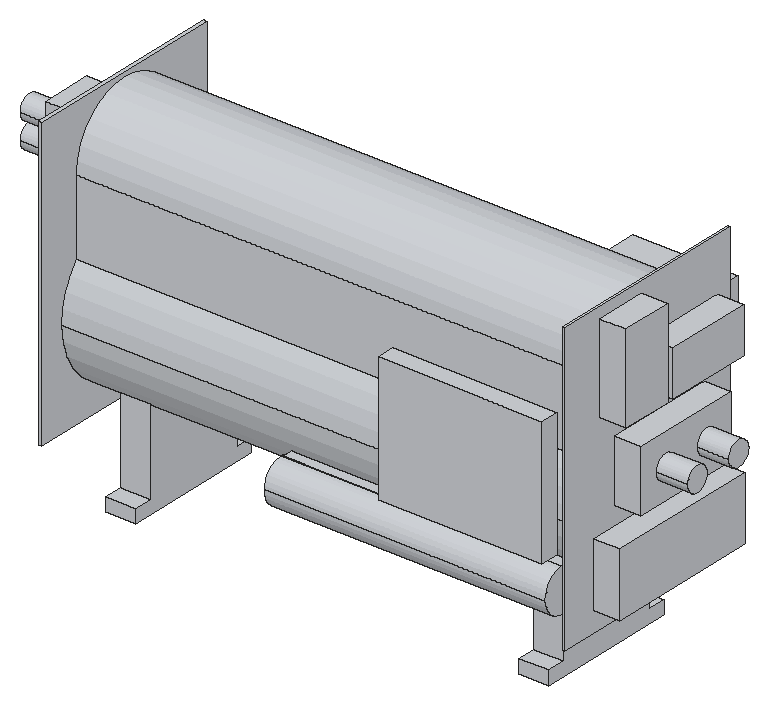
Revit family "7f0a172b1b9e4b8ab0b9627165bb9b29", category Mechanical Equipment, Revit 2021
Family settings
  Round Connector Dimension = Use Radius
  Part Type = Normal
  OmniClass Number = 23.75.10.24.21.21.11
  OmniClass Title = Absorption Water Chillers
  Seek Item ID = Absorption Chiller - Single Stage - 500-800 Tons-0000-USA-ENU
  Work Plane-Based = No
  Always vertical = Yes
  Cut with Voids When Loaded = No
  Shared = No
  Room Calculation Point = No
Parameters (values of type "500 Tons")
  Voltage = 480 V
  Number of Poles = 3
  Load Classification = Cooling
  Length 3 = 14' - 2 1/8"
  Length 2 = 8' - 0 7/8"
  Length 1 = 1' - 7 3/8"
  Default Elevation = 0' - 0"
  Chilled Water Radius = Chilled Water Diameter / 2  # 4"
  Chilled Water Diameter = 8"
  Evaporator Flow [instance] = 1366 GPM
  Cooling Water Pressure Drop [instance] = 11.52 psi
  Cooling Water Radius = Cooling Waterl Diameter / 2  # 4"
  Cooling Waterl Diameter = 8"
  Condenser Flow [instance] = 1800 GPM
  Chiller Material = none
  Chiller Length = 17' - 9 3/4"
  Chilled Water Pressure Drop [instance] = 8.63 psi
  Apparent Load = 9700 VA
  Energy Source Radius = Energy Source Diameter / 2  # 4"
  Energy Source Pressure Drop [instance] = 11.52 psi
  Energy Source Diameter = 8"
  Energy Source Flow [instance] = 1800 GPM
Types (5): name | Length 3 | Length 2 | Length 1 | Evaporator Flow | Cooling Water Pressure Drop | Condenser Flow | Chiller Length | Chilled Water Pressure Drop | Apparent Load | Energy Source Pressure Drop | Energy Source Flow
  (no name) | 14' - 2 1/8" | 8' - 0 7/8" | 1' - 7 3/8" | 1366 GPM | 11.52 psi | 1800 GPM | 17' - 9 3/4" | 8.63 psi | 9700 VA | 11.52 psi | 1800 GPM
  500 Tons | 14' - 2 1/8" | 8' - 0 7/8" | 1' - 7 3/8" | 1366 GPM | 11.52 psi | 1800 GPM | 17' - 9 3/4" | 8.63 psi | 9700 VA | 11.52 psi | 1800 GPM
  800 Tons | 22' - 2 1/8" | 16' - 10 1/8" | 1' - 8 7/8" | 2054 GPM | 6.98 psi | 2880 GPM | 25' - 11 1/4" | 13.70 psi | 13000 VA | 6.98 psi | 2880 GPM
  600 Tons | 16' - 10 1/8" | 10' - 8 7/8" | 1' - 8 7/8" | 1603 GPM | 11.18 psi | 2160 GPM | 20' - 7 1/4" | 12.69 psi | 9700 VA | 11.18 psi | 2160 GPM
  700 Tons | 19' - 6 1/8" | 13' - 11 1/8" | 1' - 8 7/8" | 1766 GPM | 5.13 psi | 2520 GPM | 23' - 3 1/4" | 9.37 psi | 13000 VA | 5.13 psi | 2520 GPM
Reference planes (in)
  plane 1 "Center (Front/Back)": y = 0
  plane 2: z = 0
  plane 3 "Center (Left/Right)": x = 0
  plane 4: z = 19.5
  plane 5: z = 114.9375
  plane 6: y = -10.25
  plane 7: y = 57.75
  plane 8: x = 13.625
  plane 9: x = 12.875
  plane 10: z = 51.875
  plane 11: y = 47.5
  plane 12: y = 23.75
  plane 13: x = -180.75
  plane 14: x = 33
  plane 15: x = -159.875
  plane 16: x = -158.75
  plane 17: y = 6.125
  plane 18: z = 4.5
  plane 19: y = 41.375
  plane 20: x = -9.875
  plane 21: x = -145.875
  plane 22: x = -136
  plane 23: y = 3.625
  plane 24: y = 43.875
  plane 25: z = 93.5625
  plane 26: z = 26.5625
  plane 27: z = 47.6875
  plane 28: z = 63.875
  plane 29: y = 20
  plane 30: y = 37
  plane 31: y = 28.5
  plane 32: y = 9.9375
  plane 33: y = 47.0625
  plane 34: z = 74.0625
  plane 35: z = 53.6875
  plane 36: x = 22.5
  plane 37: x = -168.75
  plane 38: y = 12.3125
  plane 39: y = 3.8125
  plane 40: y = 20.8125
  plane 41: z = 111.5
  plane 42: z = 82.3125
  plane 43: y = 23.125
  plane 44: y = 52.4375
  plane 45: z = 97.375
  plane 46: y = 1
  plane 47: y = 52.625
  plane 48: z = 88
  plane 49: z = 102.0625
  plane 50: y = 24.5
  plane 51: y = 32
  plane 52: z = 32.3125
  plane 53: z = 41.875
  plane 54: x = -174.5
  plane 55: z = 45
  plane 56: z = 87
  plane 57: x = 8.75
  plane 58: x = -45.25
  plane 59: y = -13.5625
  plane 60: y = -7.5
  plane 61: x = -13.375
  plane 62: z = 45.5
  plane 63: z = 79.8125
  plane 64: z = 95.5
  plane 65: x = -24.875
  plane 66: x = 9.75
  plane 67: y = 65.625
  plane 68: z = 89.5
  plane 69: z = 81.375
  plane 70: x = -156.5
  plane 71: x = -130.75
  plane 72: y = 55.25
  plane 73: z = 1
  plane 74: z = 31
  plane 75: x = -96.875
  plane 76: x = -78.5625
  plane 77: y = 52.625
  plane 78: y = -2.375
  plane 79: z = 24.5
  plane 80: z = 31.5
  plane 81: x = 6.375
  plane 82: x = -86.1875
  plane 83: z = 38.5
  plane 84: x = -85.6875
  plane 85: x = 5.875
  plane 86: y = 60.8125
  plane 87: x = -20.5625
  plane 88: x = -143.625
  plane 89: z = 28
  plane 90: z = 33
  plane 91: x = -138.625
  plane 92: x = -25.5625
  plane 93: z = 85.4375
  plane 94: z = 80.4375
  plane 95: y = 55.8125
  plane 96: x = -18.25
  plane 97: z = 51
Forms (in)
  Extrusion 1, solid, material <- "Chiller Material"
    sketch origin (0, 0, 0) x (0, 1, 0) y (0, 0, 1)
      loop
        line (-10.25, 114.9375) -> (-10.25, 19.5) -> (57.75, 19.5) -> (57.75, 114.9375) -> (-10.25, 114.9375)
    from 12.875 to 13.625
  Extrusion 2, solid, material <- "Chiller Material"
    sketch origin (0, 0, 0) x (0, 1, 0) y (0, 0, 1)
      loop
        circle (23.75, 51.875) r 26.09375
    from -158.75 to 12.875
  Extrusion 3, solid, material <- "Chiller Material"
    sketch origin (0, 0, 0) x (0, 1, 0) y (0, 0, 1)
      loop
        line (-10.25, 114.9375) -> (-10.25, 19.5) -> (57.75, 19.5) -> (57.75, 114.9375) -> (-10.25, 114.9375)
    from -159.875 to -158.75
  Extrusion 4, solid, material <- "Chiller Material"
    sketch origin (0, 0, 0) x (0, 1, 0) y (0, 0, 1)
      loop
        line (0, 4.5) -> (0, 0) -> (47.5, 0) -> (47.5, 4.5) -> (41.375, 4.5) -> (41.375, 51.875) -> (6.125, 51.875) -> (6.125, 4.5) -> (0, 4.5)
    from -9.875 to 0
  Extrusion 5, solid, material <- "Chiller Material"
    sketch origin (0, 0, 0) x (0, 1, 0) y (0, 0, 1)
      loop
        line (0, 4.5) -> (0, 0) -> (47.5, 0) -> (47.5, 4.5) -> (41.375, 4.5) -> (41.375, 51.875) -> (6.125, 51.875) -> (6.125, 4.5) -> (0, 4.5)
    from -145.875 to -136
  Extrusion 6, solid, material <- "Chiller Material"
    sketch origin (0, 0, 0) x (0, 1, 0) y (0, 0, 1)
      loop
        arc (43.875, 93.5625) -> (23.75, 113.6875) -> (3.625, 93.5625) r 20.125
        line (3.625, 93.5625) -> (3.625, 51.875) -> (43.875, 51.875) -> (43.875, 93.5625)
    from -158.75 to 12.875
  Extrusion 7, solid, material <- "Chiller Material"
    sketch origin (0, 0, 0) x (0, 1, 0) y (0, 0, 1)
      loop
        line (9.9375, 74.0625) -> (9.9375, 53.6875) -> (47.0625, 53.6875) -> (47.0625, 74.0625) -> (9.9375, 74.0625)
    from 13.625 to 22.5
  Extrusion 8, solid, material <- "Chiller Material"
    sketch origin (0, 0, 0) x (0, 1, 0) y (0, 0, 1)
      loop
        line (9.9375, 74.0625) -> (9.9375, 53.6875) -> (47.0625, 53.6875) -> (47.0625, 74.0625) -> (9.9375, 74.0625)
    from -168.75 to -159.875
  Extrusion 9, solid, material <- "Chiller Material"
    sketch origin (0, 0, 0) x (0, 1, 0) y (0, 0, 1)
      loop
        circle (20, 63.875) r 4
      loop
        circle (37, 63.875) r 4
    from 22.5 to 33
  Extrusion 10, solid, material <- "Chiller Material"
    sketch origin (0, 0, 0) x (0, 1, 0) y (0, 0, 1)
      loop
        line (3.8125, 111.5) -> (3.8125, 82.3125) -> (20.8125, 82.3125) -> (20.8125, 111.5) -> (3.8125, 111.5)
    from 13.625 to 22.5
  Extrusion 11, solid, material <- "Chiller Material"
    sketch origin (0, 0, 0) x (0, 1, 0) y (0, 0, 1)
      loop
        line (3.8125, 111.5) -> (3.8125, 82.3125) -> (20.8125, 82.3125) -> (20.8125, 111.5) -> (3.8125, 111.5)
    from -168.75 to -159.875
  Extrusion 12, solid, material <- "Chiller Material"
    sketch origin (0, 0, 0) x (0, 1, 0) y (0, 0, 1)
      loop
        line (23.125, 97.375) -> (23.125, 82.3125) -> (52.4375, 82.3125) -> (52.4375, 97.375) -> (23.125, 97.375)
    from 13.625 to 22.5
  Extrusion 13, solid, material <- "Chiller Material"
    sketch origin (0, 0, 0) x (0, 1, 0) y (0, 0, 1)
      loop
        line (23.125, 97.375) -> (23.125, 82.3125) -> (52.4375, 82.3125) -> (52.4375, 97.375) -> (23.125, 97.375)
    from -159.875 to -168.75
  Extrusion 14, solid, material <- "Chiller Material"
    sketch origin (0, 0, 0) x (0, 1, 0) y (0, 0, 1)
      loop
        line (1, 47.6875) -> (1, 26.5625) -> (52.625, 26.5625) -> (52.625, 47.6875) -> (1, 47.6875)
    from 13.625 to 22.5
  Extrusion 15, solid, material <- "Chiller Material"
    sketch origin (0, 0, 0) x (0, 1, 0) y (0, 0, 1)
      loop
        line (1, 47.6875) -> (1, 26.5625) -> (52.625, 26.5625) -> (52.625, 47.6875) -> (1, 47.6875)
    from -168.75 to -159.875
  Extrusion 16, solid, material <- "Chiller Material"
    sketch origin (0, 0, 0) x (0, 1, 0) y (0, 0, 1)
      loop
        circle (12.3125, 102.0625) r 4
      loop
        circle (12.3125, 93.5625) r 4
    from -168.75 to -180.75
  Extrusion 17, solid, material <- "Chiller Material"
    sketch origin (0, 0, 0) x (0, 1, 0) y (0, 0, 1)
      loop
        circle (24.5, 41.875) r 4
    from -180.75 to -168.75
  Extrusion 18, solid, material <- "Chiller Material"
    sketch origin (0, 0, 0) x (0, 1, 0) y (0, 0, 1)
      loop
        circle (32, 32.3125) r 4
    from -174.5 to -168.75
  Extrusion 19, solid, material <- "Chiller Material"
    sketch origin (0, 0, 0) x (1, 0, 0) y (0, 0, 1)
      loop
        line (-45.25, 87) -> (-45.25, 45) -> (8.75, 45) -> (8.75, 87) -> (-45.25, 87)
    from 7.5 to 13.5625
  Extrusion 20, solid, material <- "Chiller Material"
    sketch origin (0, 0, 0) x (1, 0, 0) y (0, 1, 0)
      loop
        line (-45.25, 23.75) -> (-45.25, -7.5) -> (-13.375, -7.5) -> (-13.375, 23.75) -> (-45.25, 23.75)
    from 45 to 45.5
  Extrusion 21, solid, material <- "Chiller Material"
    sketch origin (0, 0, 0) x (1, 0, 0) y (0, 0, 1)
      loop
        line (9.75, 95.5) -> (-24.875, 95.5) -> (-24.875, 79.8125) -> (9.75, 79.8125) -> (9.75, 95.5)
    from -23.75 to -65.625
  Extrusion 22, solid, material <- "Chiller Material"
    sketch origin (0, 0, 0) x (1, 0, 0) y (0, 0, 1)
      loop
        line (-130.75, 89.5) -> (-156.5, 89.5) -> (-156.5, 81.375) -> (-130.75, 81.375) -> (-130.75, 89.5)
    from -55.25 to -23.75
  Extrusion 23, solid, material <- "Chiller Material"
    sketch origin (0, 0, 0) x (1, 0, 0) y (0, 0, 1)
      loop
        line (-96.875, 31) -> (-96.875, 1) -> (-78.5625, 1) -> (-78.5625, 31) -> (-96.875, 31)
    from -65.625 to -52.625
  Extrusion 24, solid, material <- "Chiller Material"
    sketch origin (0, 0, 0) x (0, 1, 0) y (0, 0, 1)
      loop
        circle (-2.375, 31.5) r 7
    from -86.1875 to 6.375
  Extrusion 25, solid, material <- "Chiller Material"
    sketch origin (0, 0, 0) x (0, 1, 0) y (0, 0, 1)
      loop
        line (23.75, 38.5) -> (-2.375, 38.5) -> (-2.375, 31.5) -> (23.75, 31.5) -> (23.75, 38.5)
    from 5.875 to -85.6875
  Sweep 26, solid, material <- "Chiller Material"
    path in 3D
      loop
        line (-143.625, 55.25, 85.4375) -> (-143.625, 55.8125, 85.4375)
        arc (-143.625, 55.8125, 85.4375) -> (-143.625, 59.34803, 83.97303) -> (-143.625, 60.8125, 80.4375) r 5
        line (-143.625, 60.8125, 80.4375) -> (-143.625, 60.8125, 33)
        arc (-143.625, 60.8125, 33) -> (-142.16053, 60.8125, 29.46447) -> (-138.625, 60.8125, 28) r 5
        line (-138.625, 60.8125, 28) -> (-25.5625, 60.8125, 28)
        arc (-25.5625, 60.8125, 28) -> (-22.02697, 60.8125, 29.46447) -> (-20.5625, 60.8125, 33) r 5
        line (-20.5625, 60.8125, 33) -> (-20.5625, 60.8125, 79.8125)
    profile origin (-143.625, 55.53125, 85.4375) x (0, 0, -1) y (-1, 0, 0)
      loop
        circle (0, 0) r 2
  Extrusion 27, solid, material <- "Chiller Material"
    sketch origin (0, 0, 0) x (1, 0, 0) y (0, 0, 1)
      loop
        circle (-18.25, 51) r 1
    from 7.5 to 13.5625
Cuts and joins
  joined: Extrusion 1, Extrusion 2, Extrusion 3, Extrusion 4, Extrusion 5, Extrusion 6, Extrusion 7, Extrusion 8, Extrusion 9, Extrusion 10, Extrusion 11, Extrusion 12, Extrusion 13, Extrusion 14, Extrusion 15, Extrusion 16, Extrusion 17, Extrusion 18, Extrusion 19, Extrusion 20, Extrusion 21, Extrusion 22, Extrusion 23, Extrusion 24, Extrusion 25, Sweep 26, Extrusion 27
Lines and regions (in)
  reference lines
    curve 1: line (-25.5625, 60.8125, 28) -> (-138.625, 60.8125, 28)
    curve 2: line (-20.5625, 60.8125, 33) -> (-20.5625, 60.8125, 79.8125)
    curve 3: arc (-20.5625, 60.8125, 33) -> (-22.02697, 60.8125, 29.46447) -> (-25.5625, 60.8125, 28) r 5
    curve 4: arc (-143.625, 60.8125, 33) -> (-142.16053, 60.8125, 29.46447) -> (-138.625, 60.8125, 28) r 5
    curve 5: line (-143.625, 60.8125, 80.4375) -> (-143.625, 60.8125, 33)
    curve 6: line (-143.625, 55.25, 85.4375) -> (-143.625, 55.8125, 85.4375)
    curve 7: arc (-143.625, 55.8125, 85.4375) -> (-143.625, 59.34803, 83.97303) -> (-143.625, 60.8125, 80.4375) r 5
  sketch lines
    curve 8: line (-143.625, 55.25, 85.4375) -> (-143.625, 55.8125, 85.4375)
    curve 9: arc (-143.625, 55.8125, 85.4375) -> (-143.625, 59.34803, 83.97303) -> (-143.625, 60.8125, 80.4375) r 5
    curve 10: line (-143.625, 60.8125, 80.4375) -> (-143.625, 60.8125, 33)
    curve 11: arc (-143.625, 60.8125, 33) -> (-142.16053, 60.8125, 29.46447) -> (-138.625, 60.8125, 28) r 5
    curve 12: line (-25.5625, 60.8125, 28) -> (-138.625, 60.8125, 28)
    curve 13: arc (-20.5625, 60.8125, 33) -> (-22.02697, 60.8125, 29.46447) -> (-25.5625, 60.8125, 28) r 5
    curve 14: line (-20.5625, 60.8125, 33) -> (-20.5625, 60.8125, 79.8125)
Dimensions and locks (in)
  locked: plane 4 to plane 2 at 19.5
  locked: plane 5 to plane 2 at 114.9375
  locked: plane 6 to plane 1 "Center (Front/Back)" at 10.25
  locked: plane 1 "Center (Front/Back)" to plane 7 at 57.75
  locked: plane 3 "Center (Left/Right)" to plane 8 at 13.625
  locked: plane 9 to plane 8 at 0.75
  locked: plane 10 to plane 2 at 51.875
  locked: plane 1 "Center (Front/Back)" to plane 11 at 47.5
  equal spacing: plane 1 "Center (Front/Back)", plane 12, plane 11
  "Length 1": plane 14 to plane 8
  "Chiller Length": plane 14 to plane 13
  locked: plane 15 to plane 13 at 20.875
  locked: plane 16 to plane 15 at 1.125
  locked: plane 1 "Center (Front/Back)" to plane 17 at 6.125
  locked: plane 18 to plane 2 at 4.5
  locked: plane 19 to plane 11 at 6.125
  locked: plane 3 "Center (Left/Right)" to plane 20 at 9.875
  plane 21 to plane 15 = 1' - 2"
  locked: plane 22 to plane 21 at 9.875
  equal spacing: plane 23, plane 12, plane 24
  locked: plane 23 to plane 24 at 40.25
  locked: plane 25 to plane 10 at 41.6875
  locked: plane 26 to plane 4 at 7.0625
  locked: plane 27 to plane 26 at 21.125
  locked: plane 28 to plane 26 at 37.3125
  locked: plane 1 "Center (Front/Back)" to plane 29 at 20
  locked: plane 29 to plane 30 at 17
  equal spacing: plane 29, plane 31, plane 30
  equal spacing: plane 32, plane 31, plane 33
  locked: plane 32 to plane 33 at 37.125
  equal spacing: plane 34, plane 28, plane 35
  locked: plane 34 to plane 35 at 20.375
  locked: plane 14 to plane 36 at 10.5
  locked: plane 37 to plane 13 at 12
  locked: plane 5 to plane 41 at 3.4375
  locked: plane 41 to plane 42 at 29.1875
  locked: plane 40 to plane 43 at 2.3125
  locked: plane 43 to plane 44 at 29.3125
  locked: plane 1 "Center (Front/Back)" to plane 38 at 12.3125
  locked: plane 39 to plane 38 at 8.5
  locked: plane 38 to plane 40 at 8.5
  locked: plane 45 to plane 42 at 15.0625
  locked: plane 1 "Center (Front/Back)" to plane 46 at 1
  locked: plane 46 to plane 47 at 51.625
  locked: plane 48 to plane 2 at 88
  locked: plane 49 to plane 48 at 14.0625
  locked: plane 1 "Center (Front/Back)" to plane 50 at 24.5
  locked: plane 50 to plane 51 at 7.5
  locked: plane 52 to plane 2 at 32.3125
  locked: plane 53 to plane 52 at 9.5625
  locked: plane 54 to plane 13 at 6.25
  locked: plane 55 to plane 2 at 45
  locked: plane 56 to plane 55 at 42
  locked: plane 57 to plane 3 "Center (Left/Right)" at 8.75
  locked: plane 57 to plane 58 at 54
  locked: plane 59 to plane 1 "Center (Front/Back)" at 13.5625
  locked: plane 59 to plane 60 at 6.0625
  locked: plane 58 to plane 61 at 31.875
  locked: plane 62 to plane 55 at 0.5
  locked: plane 2 to plane 63 at 79.8125
  locked: plane 63 to plane 64 at 15.6875
  locked: plane 65 to plane 8 at 38.5
  locked: plane 65 to plane 66 at 34.625
  locked: plane 12 to plane 67 at 41.875
  locked: plane 2 to plane 69 at 81.375
  locked: plane 69 to plane 68 at 8.125
  "Length 3": plane 8 to plane 70
  locked: plane 70 to plane 71 at 25.75
  locked: plane 1 "Center (Front/Back)" to plane 72 at 55.25
  locked: plane 73 to plane 2 at 1
  locked: plane 74 to plane 73 at 30
  "Length 2": plane 3 "Center (Left/Right)" to plane 75
  locked: plane 76 to plane 75 at 18.3125
  locked: plane 77 to plane 67 at 13
  locked: plane 12 to plane 78 at 26.125
  locked: plane 79 to plane 2 at 24.5
  locked: plane 80 to plane 79 at 7
  locked: plane 3 "Center (Left/Right)" to plane 81 at 6.375
  locked: plane 82 to plane 81 at 92.5625
  locked: plane 83 to plane 80 at 7
  locked: plane 82 to plane 84 at 0.5
  locked: plane 85 to plane 81 at 0.5
  locked: plane 86 to plane 12 at 37.0625
  locked: plane 87 to plane 3 "Center (Left/Right)" at 20.5625
  equal spacing: plane 70, plane 88, plane 71
  locked: plane 2 to plane 89 at 28
  locked: plane 89 to plane 90 at 5
  locked: plane 88 to plane 91 at 5
  locked: plane 92 to plane 87 at 5
  equal spacing: plane 69, plane 93, plane 68
  locked: plane 94 to plane 93 at 5
  locked: plane 86 to plane 95 at 5
  equal spacing: plane 57, plane 96, plane 58
  locked: plane 97 to plane 55 at 6
  radius of Extrusion 2 sketch curve = 2' - 2 3/32"
  "Chilled Water Radius": radius of Extrusion 9 sketch curve  (x2)
  "Cooling Water Radius": radius of Extrusion 16 sketch curve  (x2)
  "Energy Source Radius": radius of Extrusion 17 sketch curve
  "Energy Source Radius": radius of Extrusion 18 sketch curve
  radius of Extrusion 24 sketch curve = 0' - 7"
  radius of curve 3 = 0' - 5"
  radius of curve 4 = 0' - 5"
  radius of curve 7 = 0' - 5"
  radius of Sweep 26 sketch curve = 0' - 2"
  radius of Extrusion 27 sketch curve = 0' - 1"
  aligned and locked: plane 6 to Extrusion 1 sketch curve
  aligned and locked: Extrusion 1 sketch curve to plane 5
  aligned and locked: plane 4 to Extrusion 1 sketch curve
  aligned and locked: Extrusion 1 sketch curve to plane 7
  aligned and locked: plane 8 to Extrusion 1
  aligned and locked: Extrusion 1 to plane 9
  aligned and locked: plane 10 to Extrusion 2 sketch curve
  aligned and locked: plane 12 to Extrusion 2 sketch curve
  aligned and locked: Extrusion 2 to plane 16
  aligned and locked: plane 9 to Extrusion 2
  aligned and locked: Extrusion 3 sketch curve to plane 5
  aligned and locked: plane 6 to Extrusion 3 sketch curve
  aligned and locked: plane 4 to Extrusion 3 sketch curve
  aligned and locked: Extrusion 3 sketch curve to plane 7
  aligned and locked: Extrusion 3 to plane 15
  aligned and locked: plane 16 to Extrusion 3
  aligned and locked: plane 18 to Extrusion 4 sketch curve  (x4)
  aligned and locked: plane 1 "Center (Front/Back)" to Extrusion 4 sketch curve  (x2)
  aligned and locked: Extrusion 4 sketch curve to plane 17
  aligned and locked: Extrusion 4 sketch curve to plane 10
  aligned and locked: plane 10 to Extrusion 4 sketch curve
  aligned and locked: Extrusion 4 sketch curve to plane 19
  aligned and locked: plane 19 to Extrusion 4 sketch curve
  aligned and locked: plane 2 to Extrusion 4 sketch curve
  aligned and locked: plane 11 to Extrusion 4 sketch curve
  aligned and locked: Extrusion 4 sketch curve to plane 2
  aligned and locked: Extrusion 4 to plane 20
  aligned and locked: plane 3 "Center (Left/Right)" to Extrusion 4
  aligned and locked: plane 1 "Center (Front/Back)" to Extrusion 5 sketch curve  (x2)
  aligned and locked: plane 17 to Extrusion 5 sketch curve  (x2)
  aligned and locked: Extrusion 5 sketch curve to plane 18  (x2)
  aligned and locked: plane 18 to Extrusion 5 sketch curve  (x2)
  aligned and locked: Extrusion 5 sketch curve to plane 10
  aligned and locked: plane 10 to Extrusion 5 sketch curve
  aligned and locked: Extrusion 5 sketch curve to plane 19
  aligned and locked: plane 19 to Extrusion 5 sketch curve
  aligned and locked: plane 2 to Extrusion 5 sketch curve
  aligned and locked: Extrusion 5 sketch curve to plane 11
  aligned and locked: plane 11 to Extrusion 5 sketch curve
  aligned and locked: Extrusion 5 sketch curve to plane 2
  aligned and locked: Extrusion 5 to plane 21
  aligned and locked: plane 22 to Extrusion 5
  aligned and locked: plane 23 to Extrusion 6 sketch curve  (x2)
  aligned and locked: plane 25 to Extrusion 6 sketch curve  (x3)
  aligned and locked: plane 10 to Extrusion 6 sketch curve
  aligned and locked: Extrusion 6 sketch curve to plane 24
  aligned and locked: plane 24 to Extrusion 6 sketch curve
  aligned and locked: Extrusion 6 sketch curve to plane 10
  aligned and locked: plane 9 to Extrusion 6
  aligned and locked: Extrusion 6 to plane 16
  aligned and locked: Extrusion 7 sketch curve to plane 34
  aligned and locked: plane 32 to Extrusion 7 sketch curve
  aligned and locked: plane 35 to Extrusion 7 sketch curve
  aligned and locked: Extrusion 7 sketch curve to plane 33
  aligned and locked: plane 36 to Extrusion 7
  aligned and locked: Extrusion 7 to plane 8
  aligned and locked: Extrusion 8 sketch curve to plane 34
  aligned and locked: plane 32 to Extrusion 8 sketch curve
  aligned and locked: plane 35 to Extrusion 8 sketch curve
  aligned and locked: Extrusion 8 sketch curve to plane 33
  aligned and locked: Extrusion 8 to plane 37
  aligned and locked: plane 15 to Extrusion 8
  aligned and locked: plane 28 to Extrusion 9 sketch curve  (x2)
  aligned and locked: plane 29 to Extrusion 9 sketch curve
  aligned and locked: plane 30 to Extrusion 9 sketch curve
  aligned and locked: plane 14 to Extrusion 9
  aligned and locked: Extrusion 9 to plane 36
  aligned and locked: plane 41 to Extrusion 10
  aligned and locked: Extrusion 10 to plane 39
  aligned and locked: plane 40 to Extrusion 10
  aligned and locked: Extrusion 10 to plane 42
  aligned and locked: plane 36 to Extrusion 10
  aligned and locked: Extrusion 10 to plane 8
  aligned and locked: Extrusion 11 sketch curve to plane 41
  aligned and locked: plane 39 to Extrusion 11 sketch curve
  aligned and locked: Extrusion 11 sketch curve to plane 40
  aligned and locked: plane 42 to Extrusion 11 sketch curve
  aligned and locked: Extrusion 11 to plane 37
  aligned and locked: plane 15 to Extrusion 11
  aligned and locked: Extrusion 12 sketch curve to plane 45
  aligned and locked: plane 43 to Extrusion 12 sketch curve
  aligned and locked: plane 42 to Extrusion 12 sketch curve
  aligned and locked: Extrusion 12 sketch curve to plane 44
  aligned and locked: plane 36 to Extrusion 12
  aligned and locked: Extrusion 12 to plane 8
  aligned and locked: Extrusion 13 sketch curve to plane 45
  aligned and locked: plane 43 to Extrusion 13 sketch curve
  aligned and locked: plane 42 to Extrusion 13 sketch curve
  aligned and locked: Extrusion 13 sketch curve to plane 44
  aligned and locked: Extrusion 13 to plane 37
  aligned and locked: plane 15 to Extrusion 13
  aligned and locked: Extrusion 14 sketch curve to plane 27
  aligned and locked: plane 46 to Extrusion 14 sketch curve
  aligned and locked: Extrusion 14 sketch curve to plane 47
  aligned and locked: plane 26 to Extrusion 14 sketch curve
  aligned and locked: plane 36 to Extrusion 14
  aligned and locked: Extrusion 14 to plane 8
  aligned and locked: Extrusion 15 sketch curve to plane 27
  aligned and locked: plane 46 to Extrusion 15 sketch curve
  aligned and locked: plane 26 to Extrusion 15 sketch curve
  aligned and locked: Extrusion 15 sketch curve to plane 47
  aligned and locked: Extrusion 15 to plane 37
  aligned and locked: plane 15 to Extrusion 15
  aligned and locked: plane 49 to Extrusion 16 sketch curve
  aligned and locked: plane 38 to Extrusion 16 sketch curve  (x2)
  aligned and locked: plane 25 to Extrusion 16 sketch curve
  aligned and locked: Extrusion 16 to plane 13
  aligned and locked: plane 37 to Extrusion 16
  aligned and locked: plane 53 to Extrusion 17 sketch curve
  aligned and locked: plane 50 to Extrusion 17 sketch curve
  aligned and locked: plane 51 to Extrusion 18 sketch curve
  aligned and locked: plane 52 to Extrusion 18 sketch curve
  aligned and locked: Extrusion 17 to plane 13
  aligned and locked: plane 37 to Extrusion 17
  aligned and locked: Extrusion 18 to plane 54
  aligned and locked: plane 37 to Extrusion 18
  aligned and locked: plane 58 to Extrusion 19 sketch curve
  aligned and locked: Extrusion 19 sketch curve to plane 56
  aligned and locked: plane 55 to Extrusion 19 sketch curve
  aligned and locked: Extrusion 19 sketch curve to plane 57
  aligned and locked: Extrusion 19 to plane 59
  aligned and locked: plane 60 to Extrusion 19
  aligned and locked: plane 58 to Extrusion 20 sketch curve
  aligned and locked: Extrusion 20 sketch curve to plane 61
  aligned and locked: plane 60 to Extrusion 20 sketch curve
  aligned and locked: plane 66 to Extrusion 21 sketch curve
  aligned and locked: plane 64 to Extrusion 21 sketch curve
  aligned and locked: plane 63 to Extrusion 21 sketch curve
  aligned and locked: plane 65 to Extrusion 21 sketch curve
  aligned and locked: plane 12 to Extrusion 20
  aligned and locked: Extrusion 20 to plane 58
  aligned and locked: plane 61 to Extrusion 20
  aligned and locked: Extrusion 20 to plane 60
  aligned and locked: Extrusion 20 to plane 55
  aligned and locked: plane 62 to Extrusion 20
  aligned and locked: plane 12 to Extrusion 21
  aligned and locked: plane 67 to Extrusion 21
  aligned and locked: plane 71 to Extrusion 22 sketch curve
  aligned and locked: plane 68 to Extrusion 22 sketch curve
  aligned and locked: plane 69 to Extrusion 22 sketch curve
  aligned and locked: plane 70 to Extrusion 22 sketch curve
  aligned and locked: Extrusion 22 to plane 12
  aligned and locked: plane 72 to Extrusion 22
  aligned and locked: plane 75 to Extrusion 23 sketch curve
  aligned and locked: Extrusion 23 sketch curve to plane 74
  aligned and locked: plane 73 to Extrusion 23 sketch curve
  aligned and locked: Extrusion 23 sketch curve to plane 76
  aligned and locked: Extrusion 23 to plane 77
  aligned and locked: plane 67 to Extrusion 23
  aligned and locked: plane 78 to Extrusion 24 sketch curve
  aligned and locked: plane 80 to Extrusion 24 sketch curve
  aligned and locked: plane 81 to Extrusion 24
  aligned and locked: Extrusion 24 to plane 82
  aligned and locked: Extrusion 25 sketch curve to plane 83
  aligned and locked: Extrusion 25 sketch curve to plane 12
  aligned and locked: plane 80 to Extrusion 25 sketch curve
  aligned and locked: Extrusion 25 sketch curve to plane 78
  aligned and locked: plane 85 to Extrusion 25
  aligned and locked: Extrusion 25 to plane 84
  aligned and locked: plane 63 to curve 2
  aligned and locked: plane 90 to curve 2
  aligned and locked: plane 87 to curve 2
  aligned and locked: plane 92 to curve 1
  aligned and locked: plane 91 to curve 1
  aligned and locked: curve 1 to plane 89
  aligned and locked: plane 90 to curve 4
  aligned and locked: plane 94 to curve 5
  aligned and locked: curve 5 to plane 90
  aligned and locked: curve 5 to plane 88
  aligned and locked: plane 72 to curve 6
  aligned and locked: plane 95 to curve 6
  aligned and locked: plane 93 to curve 6
  aligned and locked: plane 94 to curve 7
  aligned and locked: plane 95 to curve 7
  aligned and locked: plane 93 to Sweep 26 sketch curve
  aligned and locked: plane 88 to Sweep 26 sketch curve
  aligned and locked: Extrusion 27 to plane 59
  aligned and locked: plane 60 to Extrusion 27
  aligned and locked: plane 97 to Extrusion 27 sketch curve
  aligned and locked: plane 96 to Extrusion 27 sketch curve
Automatic sketch dimensions
  plane 29 to Extrusion 10 sketch curve = 0' - 0 13/16"
  Extrusion 10 sketch curve to plane 32 = 0' - 6 1/8"
  Extrusion 10 sketch curve to plane 25 = 0' - 11 1/4"
  Extrusion 10 sketch curve to Extrusion 10 sketch curve = 2' - 5 3/16"
  Extrusion 20 sketch curve to plane 50 = 0' - 0 3/4"
Connectors (in)
  piping at (33, 20, 63.875), diameter 8, driven by "Evaporator Flow", driven by "Chilled Water Radius", driven by "Chilled Water Pressure Drop"
    settings: on cut or joined group 1 (Extrusion 1, Extrusion 2, Extrusion 3, Extrusion 4, Extrusion 5, Extrusion 6, Extrusion 7, Extrusion 8, Extrusion 9, Extrusion 10, Extrusion 11, Extrusion 12, Extrusion 13, Extrusion 14, Extrusion 15, Extrusion 16, Extrusion 17, Extrusion 18, Extrusion 19, Extrusion 20, Extrusion 21, Extrusion 22, Extrusion 23, Extrusion 24, Extrusion 25, Sweep 26, Extrusion 27), index 1, connector inside diameter 8", connector length 0' - 0", flow factor 0, pipe flow 1366 GPM, pressure drop 8.63 psi, fitting loss kfactor 0, connector angle 0.00°, fixture units 0, engagement length 0' - 0", angle of deflection 0.00°, flow configuration 0, flow direction 2, fitting loss method 4, system type 7, joint type 0, gender type 0, connector reference index 2, connector utility 0, adjustable connector no, is connector primary yes, connector description "Chilled Water Out"
  piping at (33, 37, 63.875), diameter 8, driven by "Evaporator Flow", driven by "Chilled Water Radius"
    settings: on cut or joined group 1, index 2, connector inside diameter 8", connector length 0' - 0", flow factor 0, pipe flow 1366 GPM, pressure drop 0.00 psi, fitting loss kfactor 0, connector angle 0.00°, fixture units 0, engagement length 0' - 0", angle of deflection 0.00°, flow configuration 0, flow direction 1, fitting loss method 4, system type 8, joint type 0, gender type 0, connector reference index 1, connector utility 0, adjustable connector no, is connector primary no, connector description "Chilled Water In"
  piping at (-180.75, 12.3125, 102.0625), diameter 8, driven by "Condenser Flow", driven by "Cooling Water Radius", driven by "Cooling Water Pressure Drop"
    settings: on cut or joined group 1, index 3, connector inside diameter 8", connector length 0' - 0", flow factor 0, pipe flow 1800 GPM, pressure drop 11.52 psi, fitting loss kfactor 0, connector angle 0.00°, fixture units 0, engagement length 0' - 0", angle of deflection 0.00°, flow configuration 1, flow direction 2, fitting loss method 4, system type 8, joint type 0, gender type 0, connector reference index 4, connector utility 0, adjustable connector no, is connector primary no, connector description "Cooling Water Out"
  piping at (-180.75, 12.3125, 93.5625), diameter 8, driven by "Condenser Flow", driven by "Cooling Water Radius"
    settings: on cut or joined group 1, index 4, connector inside diameter 8", connector length 0' - 0", flow factor 0, pipe flow 1800 GPM, pressure drop 0.00 psi, fitting loss kfactor 0, connector angle 0.00°, fixture units 0, engagement length 0' - 0", angle of deflection 0.00°, flow configuration 1, flow direction 1, fitting loss method 4, system type 7, joint type 0, gender type 0, connector reference index 3, connector utility 0, adjustable connector no, is connector primary no, connector description "Cooling Water In"
  piping at (-180.75, 24.5, 41.875), diameter 8, driven by "Energy Source Flow", driven by "Energy Source Radius", driven by "Energy Source Pressure Drop"
    settings: on cut or joined group 1, index 5, connector inside diameter 8", connector length 0' - 0", flow factor 0, pipe flow 1800 GPM, pressure drop 11.52 psi, fitting loss kfactor 0, connector angle 0.00°, fixture units 0, engagement length 0' - 0", angle of deflection 0.00°, flow configuration 1, flow direction 2, fitting loss method 4, system type 8, joint type 0, gender type 0, connector reference index 6, connector utility 0, adjustable connector no, is connector primary no, connector description "Hot Water Out"
  piping at (-174.5, 32, 32.3125), diameter 8, driven by "Energy Source Flow", driven by "Energy Source Radius"
    settings: on cut or joined group 1, index 6, connector inside diameter 8", connector length 0' - 0", flow factor 0, pipe flow 1800 GPM, pressure drop 0.00 psi, fitting loss kfactor 0, connector angle 0.00°, fixture units 0, engagement length 0' - 0", angle of deflection 0.00°, flow configuration 1, flow direction 1, fitting loss method 4, system type 7, joint type 0, gender type 0, connector reference index 5, connector utility 0, adjustable connector no, is connector primary no, connector description "Hot Water In"
  electrical at (-18.25, -7.5, 51), driven by "Apparent Load", driven by "Voltage", driven by "Number of Poles", driven by "Load Classification"
    settings: on Extrusion 27, index 7, voltage 480 V, apparent load 9700 VA, apparent load phase1 0 VA, apparent load phase2 0 VA, apparent load phase3 0 VA, power factor 0.8, load classification "Cooling", number of poles 3, system type 30, power factor state 1, is connector primary yes, connector utility no, sub classification motor no, connector description ""
